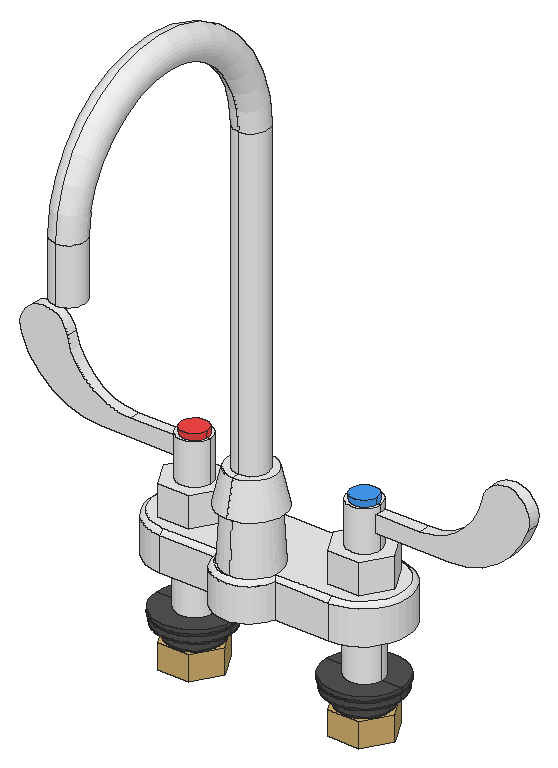
Revit family "Sanitary_Taps&Mixers_Zurn_Z812B4-XL", category Plumbing Fixtures, host Face, Revit 2022
Family settings
  Host = Face
  Round Connector Dimension = Use Radius
  Part Type = Normal
  OmniClass Number = 23.45.55.17
  OmniClass Title = Mixing Faucets
  Cut with Voids When Loaded = No
  Maintain Annotation Orientation = No
  Shared = No
  Room Calculation Point = No
Parameters (values of type "Z812B4-XL-FC1.5 (1.5 GPM LAMINAR OUTLET) -FLOW CONTROL")
  Flow Rate = 1.5 GPM
  AERATOR = no
  Width of Handle = 4.000"  # constant formula
  Water Sense Compliance = yes
  Waste Connection = 1 = 0  # no
  WFU = 0  # constant formula
  Vent Connection = 1 = 0  # no
  URL = "https://www.zurn.com/"
  Spout Reach = 5.375"  # constant formula
  Spout Base Width = 6.000"  # constant formula
  Product data URL = "https://bimobject.com/zurnindustries/product/Z812B4-XL"
  Product Page URL = "https://www.zurn.com/products/finish-plumbing/aquaspec-manual-faucets/manual-faucets/z812b4-xl"
  Product Installation Sheet URL = "https://files.zurn.com/care-cleaning-install-warranty-sheets/cf1170.pdf"
  Product Documentation Link = "https://files.zurn.com/spec-sheets/z812b4-xl_spec.pdf"
  Type of Outlet = "LAMINAR"
  Inlet Connection Size (inch) = 1.000"
  Modified Date = "03/17/2026"  # constant formula
  Model = "Z812B4-XL"  # constant formula
  Manufacturer Brand = "Zurn"  # constant formula
  Manufacturer = "Zurn Water, LLC"  # constant formula
  Main Material = Brass_Zurn_ Chrome Polished
  Lead- Free Compliant = 1 = 1  # yes
  Distance Between Centerset = 4.000"  # constant formula
  HWFU = 1  # constant formula
  HW Connection = 1 = 1  # yes
  Distance B/W Base & Aerator = 8.000"  # constant formula
  Description = "4 in CENTERSET GOOSENECK FAUCET"  # constant formula
  Default Elevation = 48.000"
  Date Created = "03/17/2026"  # constant formula
  CWFU = 1  # constant formula
  CW Connection = 1 = 1  # yes
  Assembly Code = "D2010.60"
  ADA Compliance = 1 = 1  # yes
Types (14): name | Flow Rate | AERATOR | Water Sense Compliance | Type of Outlet
  (no name) | 1.5 GPM | no | yes | "LAMINAR"
  Z812B4-XL-16F (1.0 GPM SPRAY OUTLET) | 1 GPM | yes | no | "SPRAY"
  Z812B4-XL-17F (1.5 GPM AERATOR OUTLET) | 1.5 GPM | yes | yes | "AERATOR"
  Z812B4-XL-18F (1.5 GPM LAMINAR OUTLET) | 1.5 GPM | yes | yes | "LAMINAR"
  Z812B4-XL-22F (1.0 GPM LAMINAR OUTLET) | 1 GPM | yes | no | "LAMINAR"
  Z812B4-XL-28F (0.5 GPM LAMINAR OUTLET) | 0.5 GPM | yes | no | "LAMINAR"
  Z812B4-XL-3F (0.5 GPM SPRAY OUTLET) | 0.5 GPM | yes | no | "SPRAY"
  Z812B4-XL-4F (2.2 GPM LAMINAR OUTLET) | 2.2 GPM | yes | no | "LAMINAR"
  Z812B4-XL-7F (1.0 GPM SPRAY OUTLET) | 1 GPM | yes | yes | "SPRAY"
  Z812B4-XL-2F (2.2 GPM AREATOR OUTLET) | 2.2 GPM | yes | no | "AERATOR"
  Z812B4-XL-FC0.5 (0.5 GPM LAMINAR OUTLET) -FLOW CONTROL | 0.5 GPM | no | no | "LAMINAR"
  Z812B4-XL-FC1.0 (1.0 GPM LAMINAR OUTLET) -FLOW CONTROL | 1 GPM | no | yes | "LAMINAR"
  Z812B4-XL-FC1.5 (1.5 GPM LAMINAR OUTLET) -FLOW CONTROL | 1.5 GPM | no | yes | "LAMINAR"
  Z812B4-XL-FC (2.0 GPM LAMINAR OUTLET) -FLOW CONTROL | 2 GPM | no | no | "LAMINAR"
Reference planes (in)
  plane 1 "Center (Front/Back)": y = 0
  plane 2: z = 0
  plane 3 "Center (Left/Right)": x = 0
  plane 4: x = -0.4
  plane 5: x = 0.4
  plane 6: z = 2.658
Forms (in)
  Extrusion 1, solid, material "Finish- Zurn- Red"
    sketch origin (0, 0, 0) x (1, 0, 0) y (0, 1, 0)
      loop
        circle (-2, 0) r 0.3
    from 1.689 to 2.658
  Extrusion 2, solid, material "Finish- Zurn- Blue"
    sketch origin (0, 0, 0) x (1, 0, 0) y (0, 1, 0)
      loop
        circle (2, 0) r 0.3
    from 1.689 to 2.658
Lines and regions (in)
  Masking region 1
    outline origin (0, 0, 0) x (1, 0, 0) y (0, 1, 0)
      loop
        arc (-1.9956, 1.04306) -> (-2.57879, 0.86117) -> (-2.95516, 0.38) r 1.02585
        line (-2.95516, 0.38) -> (-4.13226, 0.38)
        arc (-4.13226, 0.38) -> (-4.36492, 0.24989) -> (-4.45724, -0.00019) r 0.38488
        arc (-4.45724, -0.00019) -> (-4.36544, -0.24966) -> (-4.13384, -0.38012) r 0.38488
        line (-4.13384, -0.38012) -> (-2.94138, -0.38012)
        arc (-2.94138, -0.38012) -> (-2.56339, -0.83718) -> (-1.9956, -1.00864) r 1.02585
        line (-1.9956, -1.00864) -> (-0.72851, -1.00864)
        arc (-0.72851, -1.00864) -> (-0.59955, -1.29471) -> (-0.36455, -1.50267) r 0.74765
        line (-0.36455, -1.50267) -> (-0.36455, -6.22312)
        arc (-0.36455, -6.22312) -> (-0.24739, -6.50596) -> (0.03545, -6.62312) r 0.4
        arc (0.03545, -6.62312) -> (0.3183, -6.50596) -> (0.43545, -6.22312) r 0.4
        line (0.43545, -6.22312) -> (0.43545, -1.4607)
        arc (0.43545, -1.4607) -> (0.62672, -1.26258) -> (0.73328, -1.00864) r 0.74765
        line (0.73328, -1.00864) -> (2.0044, -1.00864)
        arc (2.0044, -1.00864) -> (2.57224, -0.83715) -> (2.95023, -0.38) r 1.02585
        line (2.95023, -0.38) -> (4, -0.38)
        arc (4, -0.38) -> (4.2687, -0.2687) -> (4.38, 0) r 0.38
        arc (4.38, 0) -> (4.2687, 0.2687) -> (4, 0.38) r 0.38
        line (4, 0.38) -> (2.96396, 0.38)
        arc (2.96396, 0.38) -> (2.58758, 0.86117) -> (2.0044, 1.04306) r 1.02585
        line (2.0044, 1.04306) -> (-1.9956, 1.04306)
Dimensions and locks (in)
  equal spacing: plane 4, plane 3 "Center (Left/Right)", plane 5
  locked: plane 4 to plane 3 "Center (Left/Right)" at 0.4
  plane 6 to nested 1 = 0.12937"
  aligned and locked: plane 2 to host face
  aligned and locked: level to host face
  aligned and locked: plane 3 "Center (Left/Right)" to nested 1
  aligned and locked: plane 1 "Center (Front/Back)" to nested 1
  aligned and locked: nested 1 to host face
  aligned and locked: plane 6 to Extrusion 1
  aligned and locked: plane 6 to Extrusion 2
  aligned and locked: Masking region 1 sketch curve to nested 1
Nested families (in)
  nested 1: "Spout Assembly _  Z812B4-XL" at (0, 0, 0), Areator <- "AERATOR", type "Spout Assembly _  Z812B4-XL"
    with Areator no
Connectors (in)
  piping at (-2, 0, -2.33438), diameter 2, driven by "HW Connection", driven by "Inlet Connection Size (inch)", driven by "Flow Rate"
    settings: on nested 1, index 1, connector inside diameter 24", connector length 0.000", flow factor 0, pipe flow 1.5 GPM, pressure drop 0.00 psi, fitting loss kfactor 0, connector angle 0.00°, fixture units 0, engagement length 0.000", angle of deflection 0.00°, flow configuration 0, flow direction 1, fitting loss method 0, system type 19, joint type 0, gender type 0, connector reference index -1, connector utility 1, adjustable connector no, is connector primary yes, connector description "Hot Water Inlet"
  piping at (2, 0, -2.33438), diameter 2, driven by "Inlet Connection Size (inch)", driven by "CW Connection", driven by "Flow Rate"
    settings: on nested 1, index 2, connector inside diameter 24", connector length 0.000", flow factor 0, pipe flow 1.5 GPM, pressure drop 0.00 psi, fitting loss kfactor 0, connector angle 0.00°, fixture units 0, engagement length 0.000", angle of deflection 0.00°, flow configuration 0, flow direction 1, fitting loss method 0, system type 20, joint type 0, gender type 0, connector reference index -1, connector utility 1, adjustable connector no, is connector primary no, connector description "Cold Water Inlet"
Definition of nested family "Spout Assembly _  Z812B4-XL"
  Parameters (values of type "Spout Assembly _  Z812B4-XL")
    Repair Parts URL = ""
    Product data URL = ""
    Product Weight (lbs) = 0
    Product Page URL = ""
    Product Installation Sheet URL = ""
    Product Documentation Link = ""
    Operating Water Pressure (PSI) = ""
    Modified Data = ""
    Max Working Water Temperature = -459.67 °F
    Manufacturer Brand = ""
    Main Material = none
    Inlet Connection Size (inch) = 0.000"
    Flush Rate (GPF) = ""
    Flow Rate (GPM) = 0 GPM
    Default Elevation = 48.000"
    Date Created = ""
    Areator [instance] = yes
    Aerator Flow Rate (GPM) = 0.0 gal
    Activation Method = ""
  Reference planes (in)
    plane 1 "Center (Front/Back)": y = 0
    plane 2: z = 0
    plane 3 "Center (Left/Right)": x = 0
    plane 4: x = -2
    plane 5: x = 2
    plane 6: y = -0.875
  Dimensions and locks (in)
    plane 4 to plane 3 "Center (Left/Right)" to plane 5 = 2.000", 2.000"
    plane 4 to plane 3 "Center (Left/Right)" = 2.000"
    aligned and locked: plane 2 to level
    aligned and locked: plane 1 "Center (Front/Back)" to nested 1
    aligned and locked: plane 3 "Center (Left/Right)" to nested 1
    aligned and locked: nested 1 to level
    aligned and locked: plane 5 to nested 2
    aligned and locked: plane 4 to nested 3
    aligned and locked: nested 3 to plane 1 "Center (Front/Back)"
    aligned and locked: nested 1 to nested 2
    aligned and locked: nested 4 to nested 1
    aligned and locked: nested 4 to plane 6
  Nested families (in)
    nested 1: "Spout Base" at (0, 0, 0), type "Spout Base"
    nested 2: "Handle Assembly" at (2, 0, 0.89063), type "Handle Assembly"
    nested 3: "Handle Assembly" at (-2, 0, 0.89063) x (-1, 0, 0) z (0, 0, 1), type "Handle Assembly"
    nested 4: "Spout" at (0.0378, -0.875, 0.89062) x (0, 1, 0) z (0, 0, 1), Areator <- "Areator", type "Spout"
  Definition of nested family "Spout Base"
    Parameters (values of type "Spout Base")
      Repair Parts URL = ""
      Product data URL = ""
      Product Weight (lbs) = 0
      Product Page URL = ""
      Product Installation Sheet URL = ""
      Product Documentation Link = ""
      Operating Water Pressure (PSI) = ""
      Modified Data = ""
      Max Working Water Temperature = -459.67 °F
      Manufacturer Brand = ""
      Main Material = none
      Inlet Connection Size (inch) = 0.000"
      Flush Rate (GPF) = ""
      Flow Rate (GPM) = 0 GPM
      Faucet Material = none
      Default Elevation = 48.000"
      Date Created = ""
      Aerator Flow Rate (GPM) = 0.0 gal
      Activation Method = ""
    Reference planes (in)
      plane 1 "Center (Front/Back)": y = 0
      plane 2: z = 0
      plane 3 "Center (Left/Right)": x = 0
      plane 4: z = 0.89062
    Forms (in)
      Extrusion 1, solid, material <- "Faucet Material", detail levels fine
        sketch origin (9.01883, -5.65437, 0) x (1, 0, 0) y (0, 1, 0)
          loop
            line (-11.01883, 4.64876) -> (-9.76016, 4.64876)
            arc (-9.76016, 4.64876) -> (-9.04427, 4.01277) -> (-8.28995, 4.60266) r 0.74765
            line (-8.28995, 4.60266) -> (-7.01883, 4.60266)
            arc (-7.01883, 4.60266) -> (-5.99298, 5.62852) -> (-7.01883, 6.65437) r 1.02585
            line (-7.01883, 6.65437) -> (-11.01883, 6.65437)
            arc (-11.01883, 6.65437) -> (-12.02164, 5.65157) -> (-11.01883, 4.64876) r 1.0028
        from 0 to 0.89062
      Sweep 2, void
        path in 3D
          loop
            arc (-2, 1, 0.89062) -> (-3.0028, -0.0028, 0.89062) -> (-2, -1.00561, 0.89062) r 1.0028
            line (-2, -1.00561, 0.89062) -> (-0.74133, -1.00561, 0.89062)
            arc (-0.74133, -1.00561, 0.89062) -> (-0.02544, -1.6416, 0.89062) -> (0.72889, -1.05171, 0.89062) r 0.74765
            line (0.72889, -1.05171, 0.89062) -> (2, -1.05171, 0.89062)
            arc (2, -1.05171, 0.89062) -> (3.02585, -0.02585, 0.89062) -> (2, 1, 0.89062) r 1.02585
            line (2, 1, 0.89062) -> (-2, 1, 0.89062)
        profile origin (0, 1, 0.89062) x (0, -1, 0) y (0, 0, 1)
          loop
            line (0.10716, 0) -> (0, 0) -> (0, -0.10716)
            arc (0, -0.10716) -> (0.04361, -0.04361) -> (0.10716, 0) r 0.21059
      Extrusion 3, solid, material <- "Faucet Material", detail levels coarse+medium
        sketch origin (6.16431, -10.33682, 1.85937) x (1, 0, 0) y (0, 1, 0)
          loop
            line (-8.1623, 9.33401) -> (-6.90363, 9.33401)
            arc (-6.90363, 9.33401) -> (-6.18774, 8.69803) -> (-5.43341, 9.28792) r 0.74765
            line (-5.43341, 9.28792) -> (-4.1623, 9.28792)
            arc (-4.1623, 9.28792) -> (-3.13645, 10.31377) -> (-4.1623, 11.33962) r 1.02585
            line (-4.1623, 11.33962) -> (-8.1623, 11.33962)
            arc (-8.1623, 11.33962) -> (-9.1651, 10.33682) -> (-8.1623, 9.33401) r 1.0028
        from -1.85938 to -0.96875
    Cuts and joins
      Sweep 2 cuts Extrusion 1
    Lines and regions (in)
      model lines, detail levels fine
        curve 1: line (-1.9956, -0.96255, 0) -> (-0.73693, -0.96255, 0)
        curve 2: line (2.0044, 1.04306, 0) -> (-1.9956, 1.04306, 0)
        curve 3: arc (-0.73693, -0.96255, 0) -> (-0.02104, -1.59853, 0) -> (0.73328, -1.00864, 0) r 0.74765
        curve 4: line (0.73328, -1.00864, 0) -> (2.0044, -1.00864, 0)
        curve 5: arc (-1.9956, 1.04306, 0) -> (-2.99841, 0.04026, 0) -> (-1.9956, -0.96255, 0) r 1.0028
        curve 6: arc (2.0044, -1.00864, 0) -> (3.03025, 0.01721, 0) -> (2.0044, 1.04306, 0) r 1.02585
      sketch lines
        curve 7: line (2, 1, 0.89062) -> (-2, 1, 0.89062)
        curve 8: arc (-2, -1.00561, 0.89062) -> (-3.0028, -0.0028, 0.89062) -> (-2, 1, 0.89062) r 1.0028
        curve 9: line (-2, -1.00561, 0.89062) -> (-0.74133, -1.00561, 0.89062)
        curve 10: arc (0.72889, -1.05171, 0.89062) -> (-0.02544, -1.6416, 0.89062) -> (-0.74133, -1.00561, 0.89062) r 0.74765
        curve 11: line (0.72889, -1.05171, 0.89062) -> (2, -1.05171, 0.89062)
        curve 12: arc (2, 1, 0.89062) -> (3.02585, -0.02585, 0.89062) -> (2, -1.05171, 0.89062) r 1.02585
    Dimensions and locks (in)
      locked: plane 4 to level at 0.89063
      Extrusion 1 sketch curve to Extrusion 1 sketch curve = 4.00007"
      Extrusion 1 sketch curve to Extrusion 1 sketch curve = 1.89431"
      Extrusion 3 sketch curve to Extrusion 3 sketch curve = 4.00007"  (x2)
      Extrusion 3 sketch curve to Extrusion 3 sketch curve = 1.89431"
      radius of Extrusion 1 sketch curve = 1.0028"
      radius of Extrusion 1 sketch curve = 1.02585"
      radius of Extrusion 1 sketch curve = 0.74765"
      radius of curve 5 = 1.0028"
      radius of curve 6 = 1.02585"
      radius of curve 3 = 0.74765"
      radius of Extrusion 3 sketch curve = 1.0028"
      radius of Extrusion 3 sketch curve = 1.02585"
      radius of Extrusion 3 sketch curve = 0.74765"
      aligned and locked: plane 2 to level
      aligned and locked: Extrusion 1 sketch curve to Extrusion 1 sketch curve
      aligned and locked: curve 1 to curve 3
      aligned and locked: Extrusion 3 sketch curve to Extrusion 3 sketch curve
      aligned and locked: plane 4 to cut or joined group of Extrusion 1, Sweep 2
      aligned and locked: Extrusion 3 to level
      aligned and locked: plane 4 to Extrusion 3
    Automatic sketch dimensions
      Extrusion 1 sketch curve to plane 3 "Center (Left/Right)" = 0.00201"
      plane 1 "Center (Front/Back)" to Extrusion 1 sketch curve = 1.00561"
      Extrusion 1 sketch curve to Extrusion 1 sketch curve = 1.25867"
      plane 1 "Center (Front/Back)" to curve 1 = 0.96255"
      curve 1 to plane 3 "Center (Left/Right)" = 1.9956"
      curve 1 to plane 3 "Center (Left/Right)" = 0.73693"
      plane 3 "Center (Left/Right)" to curve 3 = 0.00239"
      plane 3 "Center (Left/Right)" to curve 2 = 2.0044"
      Sweep 2 sketch curve to profile plane = 0.000"  (x2)
      Sweep 2 sketch curve to profile plane = 0.10716"
      Sweep 2 sketch curve to profile plane = 0.19251"  (x2)
      Extrusion 3 sketch curve to plane 3 "Center (Left/Right)" = 1.99799"
      Extrusion 3 sketch curve to plane 3 "Center (Left/Right)" = 0.73932"
      plane 1 "Center (Front/Back)" to Extrusion 3 sketch curve = 1.0489"
  Definition of nested family "Handle Assembly"
    Parameters (values of type "Handle Assembly")
      Repair Parts URL = ""
      Product data URL = ""
      Product Weight (lbs) = 0
      Product Page URL = ""
      Product Installation Sheet URL = ""
      Product Documentation Link = ""
      Operating Water Pressure (PSI) = ""
      Modified Data = ""
      Max Working Water Temperature = -459.67 °F
      Manufacturer Brand = ""
      Main Material = none
      Inlet Connection Size (inch) = 0.000"
      Flush Rate (GPF) = ""
      Flow Rate (GPM) = 0 GPM
      Faucet Material = none
      Default Elevation = 48.000"
      Date Created = ""
      Aerator Flow Rate (GPM) = 0.0 gal
      Activation Method = ""
    Reference planes (in)
      plane 1 "Center (Front/Back)": y = 0
      plane 2: z = 0
      plane 3 "Center (Left/Right)": x = 0
      plane 4: z = 0
      plane 5: z = 0.689
      plane 6: z = -3.225
      plane 7: z = -2.035
      plane 8: z = -2.66
      plane 9: x = 0.885
      plane 10: x = 0.85
      plane 11: x = 0.605
      plane 12: z = -2.36
      plane 13: z = -2.66
      plane 14: z = -2.36
      plane 15: z = 1.638
      plane 16: x = 0.76
    Forms (in)
      Extrusion 1, solid, detail levels fine
        sketch origin (0, 0, 0) x (1, 0, 0) y (0, 1, 0)
          loop
            line (-0.36027, 0.624) -> (-0.72053, 0) -> (-0.36027, -0.624) -> (0.36027, -0.624) -> (0.72053, 0) -> (0.36027, 0.624) -> (-0.36027, 0.624)
        from 0 to 0.689
      Extrusion 2, solid, detail levels fine
        sketch origin (0, 0, 0) x (1, 0, 0) y (0, 1, 0)
          loop
            circle (0, 0) r 0.4115
        from -3.225 to 0
      Revolve 3, solid, detail levels fine
        sketch origin (0, 0, 0) x (1, 0, 0) y (0, 0, 1)
          loop
            line (0.885, -2.035) -> (0, -2.035) -> (0, -2.66) -> (0.57531, -2.66)
            arc (0.57531, -2.66) -> (0.59575, -2.65153) -> (0.60422, -2.63109) r 0.02891
            line (0.60422, -2.63109) -> (0.60422, -2.36) -> (0.81094, -2.36)
            arc (0.81094, -2.36) -> (0.83856, -2.34856) -> (0.85, -2.32094) r 0.03906
            line (0.85, -2.32094) -> (0.85, -2.18673)
            arc (0.85, -2.18673) -> (0.87557, -2.16279) -> (0.885, -2.12905) r 0.06502
            line (0.885, -2.12905) -> (0.885, -2.035)
          axis (0, -2.66) -> (0, -2.035)
        angle from 0 to 360
      Extrusion 4, solid, detail levels fine
        sketch origin (0, 0, 0) x (1, 0, 0) y (0, 1, 0)
          loop
            line (-0.36027, 0.624) -> (-0.72053, 0) -> (-0.36027, -0.624) -> (0.36027, -0.624) -> (0.72053, 0) -> (0.36027, 0.624) -> (-0.36027, 0.624)
        from -3.225 to -2.66
      Revolve 5, solid, detail levels coarse+medium
        sketch origin (0, 0, 0) x (1, 0, 0) y (0, 0, 1)
          loop
            line (0, 0.689) -> (0, -2.035) -> (0.4115, -2.035) -> (0.4115, 0) -> (0.75, 0) -> (0.75, 0.689) -> (0, 0.689)
          axis (0, 0.689) -> (0, -2.035)
        angle from 0 to 360
      Revolve 6, solid, detail levels coarse+medium
        sketch origin (0, 0, 0) x (1, 0, 0) y (0, 0, 1)
          loop
            line (0, -2.035) -> (0, -2.66) -> (0.885, -2.66) -> (0.885, -2.035) -> (0, -2.035)
          axis (0, -2.035) -> (0, -2.66)
        angle from 0 to 360
      Revolve 7, solid, detail levels coarse+medium
        sketch origin (0, 0, 0) x (1, 0, 0) y (0, 0, 1)
          loop
            line (0, -2.66) -> (0, -3.225) -> (0.72053, -3.225) -> (0.72053, -2.66) -> (0, -2.66)
          axis (0, -2.66) -> (0, -3.225)
        angle from 0 to 360
      Revolve 8, solid
        sketch origin (0, 0, 0) x (1, 0, 0) y (0, 0, 1)
          loop
            line (0, 1.638) -> (0, 0.689) -> (0.38, 0.689) -> (0.38, 1.638) -> (0, 1.638)
          axis (0, 1.638) -> (0, 0.689)
        angle from 0 to 360
      Extrusion 9, solid, material <- "Faucet Material"
        sketch origin (-2, 0, -1.14063) x (1, 0, 0) y (0, 0, 1)
          loop
            line (2, 2.64062) -> (2, 2.23437) -> (4.08974, 2.23437)
            arc (4.08974, 2.23437) -> (5.23422, 2.5942) -> (5.96688, 3.54421) r 2
            arc (5.96688, 3.54421) -> (5.59045, 4.27568) -> (4.88688, 3.84936) r 0.5625
            arc (4.88688, 3.84936) -> (4.36756, 2.98155) -> (3.41543, 2.64062) r 1.5
            line (3.41543, 2.64062) -> (2, 2.64062)
        from -0.125 to 0.125
    Dimensions and locks (in)
      equal spacing: Extrusion 1 sketch curve, plane 1 "Center (Front/Back)", Extrusion 1 sketch curve
      locked: Extrusion 1 sketch curve to Extrusion 1 sketch curve at 1.248  (x3)
      equal spacing: Extrusion 1 sketch curve, plane 3 "Center (Left/Right)", Extrusion 1 sketch curve  (x2)
      locked: plane 5 to level at 0.689
      locked: level to plane 6 at 3.225
      level to plane 7 = 2.035"
      plane 7 to plane 8 = 0.625"
      locked: plane 9 to plane 3 "Center (Left/Right)" at 0.885
      locked: plane 10 to plane 3 "Center (Left/Right)" at 0.85
      locked: plane 11 to plane 3 "Center (Left/Right)" at 0.605
      locked: plane 7 to plane 12 at 0.325
      locked: plane 13 to plane 6 at 0.565
      locked: plane 14 to plane 6 at 0.865
      locked: Revolve 6 sketch curve to plane 3 "Center (Left/Right)" at 0.885
      locked: plane 15 to level at 1.638
      plane 16 to plane 3 "Center (Left/Right)" = 0.760"
      Revolve 8 sketch curve to Revolve 8 sketch curve = 0.380"
      radius of Extrusion 9 sketch curve = 1.500"
      radius of Extrusion 9 sketch curve = 0.5625"
      locked: Extrusion 1 sketch curve to Extrusion 1 sketch curve (angle 120.00°)  (x7)
      aligned and locked: plane 2 to level
      aligned and locked: level to plane 4
      aligned and locked: plane 5 to Extrusion 1
      aligned and locked: Extrusion 1 to level
      aligned and locked: plane 3 "Center (Left/Right)" to Extrusion 2 sketch curve
      aligned and locked: plane 1 "Center (Front/Back)" to Extrusion 2 sketch curve
      aligned and locked: Extrusion 2 to plane 6
      aligned and locked: level to Extrusion 2
      aligned and locked: plane 7 to Revolve 3 sketch curve
      aligned and locked: Revolve 3 sketch curve to plane 8
      aligned and locked: plane 3 "Center (Left/Right)" to Revolve 3 sketch curve
      aligned and locked: Revolve 3 sketch curve to plane 3 "Center (Left/Right)"
      aligned and locked: plane 10 to Revolve 3 sketch curve
      aligned and locked: plane 9 to Revolve 3 sketch curve
      aligned and locked: Revolve 3 sketch curve to plane 12
      aligned and locked: Extrusion 4 sketch curve to Extrusion 1  (x6)
      aligned and locked: Extrusion 4 to plane 6
      aligned and locked: plane 13 to Extrusion 4
      aligned and locked: Revolve 5 sketch curve to plane 5
      aligned and locked: level to Revolve 5 sketch curve
      aligned and locked: Revolve 3 to Revolve 5 sketch curve
      aligned and locked: Revolve 5 sketch curve to plane 3 "Center (Left/Right)"  (x2)
      aligned and locked: Revolve 6 sketch curve to Revolve 3
      aligned and locked: Revolve 6 sketch curve to plane 13
      aligned and locked: Revolve 6 sketch curve to plane 3 "Center (Left/Right)"
      aligned and locked: plane 13 to Revolve 7 sketch curve
      aligned and locked: Revolve 7 sketch curve to plane 3 "Center (Left/Right)"  (x2)
      aligned and locked: Revolve 7 sketch curve to plane 6
      aligned and locked: plane 15 to Revolve 8 sketch curve
      aligned and locked: Revolve 8 sketch curve to plane 5
      aligned and locked: Revolve 8 sketch curve to plane 3 "Center (Left/Right)"  (x2)
      aligned and locked: Extrusion 9 sketch curve to Extrusion 9 sketch curve  (x2)
  Definition of nested family "Spout"
    Parameters (values of type "Spout")
      Repair Parts URL = ""
      Product data URL = ""
      Product Weight (lbs) = 0
      Product Page URL = ""
      Product Installation Sheet URL = ""
      Product Documentation Link = ""
      Operating Water Pressure (PSI) = ""
      Modified Data = ""
      Max Working Water Temperature = -459.67 °F
      Manufacturer Brand = ""
      Main Material = none
      Inlet Connection Size (inch) = 0.000"
      Flush Rate (GPF) = ""
      Flow Rate (GPM) = 0 GPM
      Faucet Material = none
      Default Elevation = 48.000"
      Date Created = ""
      Areator [instance] = yes
      Aerator Flow Rate (GPM) = 0.0 gal
      Activation Method = ""
    Reference planes (in)
      plane 1 "Center (Front/Back)": y = 0
      plane 2: z = 0
      plane 3 "Center (Left/Right)": x = 0
      plane 4: y = 0.72
      plane 5: y = -0.72
      plane 6: z = 7.9375
      plane 7: z = 7.475
      plane 8: x = -3.5
      plane 9: x = -5.375
      plane 10: z = 11.9375
    Forms (in)
      Extrusion 1, solid, detail levels coarse+medium
        sketch origin (0, 0, 0) x (1, 0, 0) y (0, 1, 0)
          loop
            circle (0, 0) r 1.125
        from 0 to 1.25
      Extrusion 2, solid, detail levels coarse+medium
        sketch origin (-2.03038, 0, 0) x (1, 0, 0) y (0, 1, 0)
          loop
            circle (2.03038, 0) r 0.695
        from 1.25 to 2.01486
      Revolve 3, solid, visible <- "Areator", detail levels fine
        sketch origin (0, 0, 0) x (1, 0, 0) y (0, 0, 1)
          loop
            line (-5.375, 8.5375) -> (-5.875, 8.5375) -> (-5.875, 7.9375) -> (-5.375, 7.9375) -> (-5.375, 8.5375)
          axis (-5.375, 8.5375) -> (-5.375, 7.9375)
        angle from 0 to 360
      Revolve 4, solid, material <- "Faucet Material", detail levels fine
        sketch origin (6.00772, -0.00327, -0.89139) x (-1, 0, 0) y (0, 0, 1)
          loop
            line (6.00772, 0.89139) -> (6.00772, 2.90625) -> (5.45772, 2.90625) -> (5.27547, 2.11969) -> (5.42391, 2.11969) -> (5.36154, 0.89139) -> (6.00772, 0.89139)
          axis (6.00772, 2.90625) -> (6.00772, 0.89139)
        angle from 0 to 360
      Sweep 5, solid, material <- "Faucet Material"
        path origin (1.36716, -2.625, -0.641) x (1, 0, 0) y (0, 0, 1)
          loop
            line (-1.36716, 2.65586) -> (-1.36716, 9.87922)
            arc (-1.36716, 9.87922) -> (-4.05466, 12.56672) -> (-6.74216, 9.87922) r 2.6875
            line (-6.74216, 9.87922) -> (-6.74216, 8.57503)
        profile origin (0, -2.625, 5.62654) x (-1, 0, 0) y (0, -1, 0)
          loop
            circle (0, -2.625) r 0.375
    Dimensions and locks (in)
      equal spacing: plane 4, plane 1 "Center (Front/Back)", plane 5
      locked: plane 4 to plane 1 "Center (Front/Back)" at 0.72
      plane 6 to level = 7.9375"
      plane 6 to plane 7 = 0.4625"
      plane 3 "Center (Left/Right)" to plane 9 = 5.375"
      plane 9 to plane 8 = 1.875"
      locked: Revolve 4 sketch curve to Revolve 4 sketch curve at 0.14844
      Revolve 4 sketch curve to Revolve 4 sketch curve = 0.550"
      Revolve 4 sketch curve to Revolve 4 sketch curve = 0.64618"
      Revolve 4 sketch curve to Revolve 4 sketch curve = 0.73225"
      Sweep 5 sketch curve to Sweep 5 sketch curve = 5.375"
      locked: Revolve 3 to Revolve 3 at 0.6
      locked: Extrusion 2 to Extrusion 1 at 2.01486
      plane 10 to level = 11.9375"
      radius of Extrusion 2 sketch curve = 0.695"
      radius of Sweep 5 sketch curve = 0.375"
      aligned and locked: plane 2 to level
      aligned and locked: plane 3 "Center (Left/Right)" to Extrusion 1 sketch curve
      aligned and locked: plane 1 "Center (Front/Back)" to Extrusion 1 sketch curve
      aligned and locked: plane 1 "Center (Front/Back)" to Extrusion 2 sketch curve
      aligned and locked: Revolve 3 sketch curve to plane 9  (x2)
      aligned and locked: Revolve 3 sketch curve to plane 6
      aligned and locked: Revolve 4 sketch curve to level
      aligned and locked: Revolve 4 sketch curve to Extrusion 2
      aligned and locked: Extrusion 1 to level
      aligned and locked: Extrusion 2 to Sweep 5
      aligned and locked: Sweep 5 to Extrusion 2
      aligned and locked: profile plane to Sweep 5 sketch curve
      aligned and locked: plane 3 "Center (Left/Right)" to Sweep 5 sketch curve
      aligned and locked: Extrusion 1 to Extrusion 2
      aligned and locked: plane 3 "Center (Left/Right)" to Extrusion 2 sketch curve
    Automatic sketch dimensions
      Revolve 3 sketch curve to plane 6 = 1.00673"
      plane 7 to Revolve 3 sketch curve = 0.25922"
      Revolve 3 sketch curve to Revolve 3 sketch curve = 0.500"
      plane 7 to Revolve 3 sketch curve = 1.0625"
      Revolve 4 sketch curve to plane 3 "Center (Left/Right)" = 0.000"  (x2)
      Revolve 4 sketch curve to Revolve 4 sketch curve = 0.78656"
      Revolve 4 sketch curve to Revolve 4 sketch curve = 47.64383"
      plane 6 to Revolve 4 sketch curve = 87.20175"
      Sweep 5 sketch curve to profile plane = 2.625"
      plane 6 to Sweep 5 sketch curve = 1.30072"
      Sweep 5 sketch curve to plane 6 = 0.00347"
      level to Sweep 5 sketch curve = 2.01486"
      Sweep 5 sketch curve to profile plane = 0.000"
      radius of Extrusion 1 sketch curve = 1.125"
